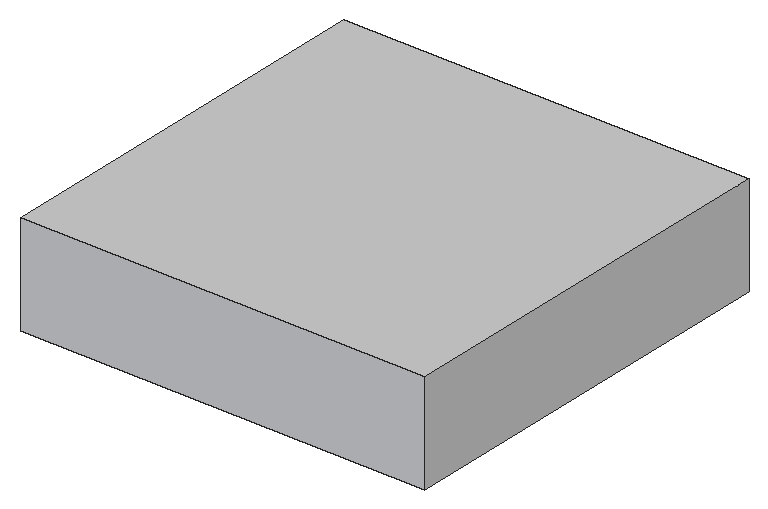
Revit family "DOMO SENSIA-LM TRANSFORMADOR", category Aparatos sanitarios, Revit 2015
Parameters (values of type "79101")
  URL = "http://www.prestoiberica.com/lavabo/electronicos/presto-domo-sensia-lm?c=es"
  Teléfono = "(+34) 915 782 575"
  TIPO DE AGUA = ""
  REFERENCIA = "79101"
  Presión Máxima = "8 bar"
  PESO BRUTO = "1.300 Kg"
  Modelo = "PRESTO DOMO SENSIA LM"
  Material = LATON CROMADO
  Imagen de tipo = <Ninguno>
  Fabricante = "PRESTO IBÉRICA"
  Default Elevation = 1219.2 mm
  ENTRADA = "Macho 1/2\""
  Descripción = "Grifo electrónico para lavabo mezclador, fijación sobre repisa."
  Código de montaje = "C1030220"
  Contacto = "info@prestoiberica.com"
  Conexión AF = yes
  Conexión AC = yes
  Comentarios de tipo = "◦Ahorro de agua y energía\r\n◦Proceso automático de adaptación al medio\r\n◦Componentes integrados: mantenimiento sencillo y excelente estanqueidad\r\n◦Conexiones internas estancas\r\n◦Cierre automático en caso de pila agotada\r\n◦Aclarado automático cada 24h\r\n◦Suministrado con: Elementos de fijación, junta y arandela\r\n◦2 latiguillos flexibles de 350 mm, con tuercas de ½”\r\n◦2 válvulas antirretorno\r\n◦2 llaves de paso en escuadra con entrada de ½” y salida de ½”\r\n◦Batería CPR2 o alimentador 12 V según modelo\r\n◦Transformador"
  CIERRE = ""
  CAUDAL = "6 L/Min"
  Accionamiento = ""
Reference planes
  plane 1 "Centro (Frontal/Posterior)": y = 0
  plane 2: z = 0
  plane 3 "Centro (Izquierda/Derecha)": x = 0
Forms (mm)
  Extrusion 1, solid
    sketch origin (0, 0, 0) x (1, 0, 0) y (0, 1, 0)
      loop
        line (-100, 100) -> (-100, -100) -> (100, -100) -> (100, 100) -> (-100, 100)
    from 0 to -50
Dimensions and locks
  Extrusion 1 sketch curve to plane 1 "Centro (Frontal/Posterior)" = 100 mm
  aligned and locked: plane 2 to Extrusion 1
  aligned and locked: level to Extrusion 1
Connectors
  piping at (-9, 3, -12), diameter 12.7
    settings: on import instance, index 1, connector inside diameter 609.6 mm, connector length 0 mm, flow factor 0, pipe flow 0.0 L/s, pressure drop 0.0 Pa, fitting loss kfactor 0, connector angle 0.00°, fixture units 0, engagement length 0 mm, angle of deflection 0.00°, flow configuration 0, flow direction 1, fitting loss method 0, system type 19, joint type 0, gender type 0, connector reference index -1, connector utility 0, adjustable connector no, is connector primary yes, connector description ""
  piping at (7, 3, -12), diameter 12.7
    settings: on import instance, index 2, connector inside diameter 609.6 mm, connector length 0 mm, flow factor 0, pipe flow 0.0 L/s, pressure drop 0.0 Pa, fitting loss kfactor 0, connector angle 0.00°, fixture units 0, engagement length 0 mm, angle of deflection 0.00°, flow configuration 0, flow direction 1, fitting loss method 0, system type 20, joint type 0, gender type 0, connector reference index -1, connector utility 0, adjustable connector no, is connector primary no, connector description ""
